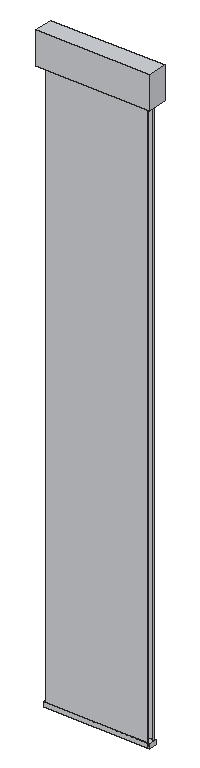
Revit family "BANNER-VEL,DBL,5'WX30'L", category Generic Models, Revit 2014
Parameters
  Top Width = 1' - 0 1/4"
  Top Length = 5' - 11 1/2"
  Curtain Thickness = 0' - 0.05"
  Curtain Linear Length = 30' - 0"
  Curtain Width = 5' - 4"
  Base Length = 5' - 7"
  Base Width = 0' - 4 1/2"
Reference planes (in)
  plane 1 "Center (Front/Back)": y = 0
  plane 2: z = 0
  plane 3 "Center (Left/Right)": x = 0
  plane 4: y = 6.125
  plane 5: x = -32
  plane 6: y = -6.125
  plane 7 "Top": z = 20.25
  plane 8: x = 32
  plane 9: x = -32
  plane 10: x = 32
  plane 11: y = 1.525
  plane 12: y = 1.475
  plane 13: y = -2.475
  plane 14: y = -2.525
  plane 15: x = -33.5
  plane 16: x = 33.5
  plane 17: y = 1.75
  plane 18: y = -2.75
  plane 19 "Curtain Bottom": z = -360
  plane 20: x = -35.75
  plane 21: x = 35.75
Forms (in)
  Extrusion 1, solid
    sketch origin (0, 0, 0) x (1, 0, 0) y (0, 1, 0)
      loop
        line (-32, 1.525) -> (-32, 1.475) -> (32, 1.475) -> (32, 1.525) -> (-32, 1.525)
    from 0 to -360
  Extrusion 2, solid
    sketch origin (0, -4, 0) x (1, 0, 0) y (0, 1, 0)
      loop
        line (-32, 1.525) -> (-32, 1.475) -> (32, 1.475) -> (32, 1.525) -> (-32, 1.525)
    from 0 to -360
  Extrusion 3, solid
    sketch origin (0, 0, -360) x (0, -1, 0) y (1, 0, 0)
      loop
        line (-1.75, -33.5) -> (2.75, -33.5) -> (2.75, 33.5) -> (-1.75, 33.5) -> (-1.75, -33.5)
    from 0 to 2.63672
  Extrusion 4, solid
    sketch origin (0, 0, 0) x (1, 0, 0) y (0, 1, 0)
      loop
        line (-35.75, 6.125) -> (-35.75, -6.125) -> (35.75, -6.125) -> (35.75, 6.125) -> (-35.75, 6.125)
    from 0 to 20.25
Dimensions and locks (in)
  "Top Width": plane 4 to plane 6
  locked: plane 7 "Top" to level at 20.25
  equal spacing: plane 4, plane 1 "Center (Front/Back)", plane 6
  "Top Length": plane 20 to plane 21
  plane 20 to plane 3 "Center (Left/Right)" to plane 21 = 2' - 11 3/4", 2' - 11 3/4"
  locked: plane 4 to plane 11 at 4.6
  "Curtain Thickness": plane 11 to plane 12
  "Curtain Width": plane 9 to plane 10
  equal spacing: plane 9, plane 3 "Center (Left/Right)", plane 10
  "Curtain Linear Length": level to plane 19 "Curtain Bottom"
  "Base Width": plane 17 to plane 18
  "Base Length": plane 15 to plane 16
  equal spacing: plane 15, plane 3 "Center (Left/Right)", plane 16
  aligned and locked: plane 2 to level
  aligned and locked: Extrusion 2 to plane 9
  aligned and locked: plane 13 to Extrusion 2
  aligned and locked: Extrusion 2 to plane 14
  aligned and locked: Extrusion 2 to plane 10
  aligned and locked: Extrusion 1 to plane 10
  aligned and locked: plane 11 to Extrusion 1
  aligned and locked: Extrusion 1 to plane 12
  aligned and locked: Extrusion 1 to plane 9
  aligned and locked: Extrusion 3 to plane 16
  aligned and locked: Extrusion 3 to plane 18
  aligned and locked: plane 17 to Extrusion 3
  aligned and locked: Extrusion 3 to plane 15
  aligned and locked: plane 4 to Extrusion 4
  aligned and locked: plane 6 to Extrusion 4
  aligned and locked: Extrusion 4 to plane 20
  aligned and locked: Extrusion 4 to plane 21
Automatic sketch dimensions
  Extrusion 1 sketch curve to plane 9 = 0' - 0"
  Extrusion 1 sketch curve to plane 10 = 0' - 0"
  Extrusion 1 sketch curve to plane 12 = 0' - 0"
  Extrusion 1 sketch curve to plane 11 = 0' - 0"
  Extrusion 2 sketch curve to plane 9 = 0' - 0"
  Extrusion 2 sketch curve to plane 10 = 0' - 0"
  Extrusion 2 sketch curve to plane 14 = 0' - 0"
  Extrusion 2 sketch curve to plane 13 = 0' - 0"
  Extrusion 3 sketch curve to plane 16 = 0' - 0"
  Extrusion 3 sketch curve to plane 17 = 0' - 0"
  Extrusion 3 sketch curve to plane 15 = 0' - 0"
  Extrusion 3 sketch curve to plane 18 = 0' - 0"
  Extrusion 4 sketch curve to plane 6 = 0' - 0"
  Extrusion 4 sketch curve to plane 15 = 0' - 2 1/4"
  Extrusion 4 sketch curve to plane 16 = 0' - 2 1/4"
  plane 4 to Extrusion 4 sketch curve = 0' - 0"
